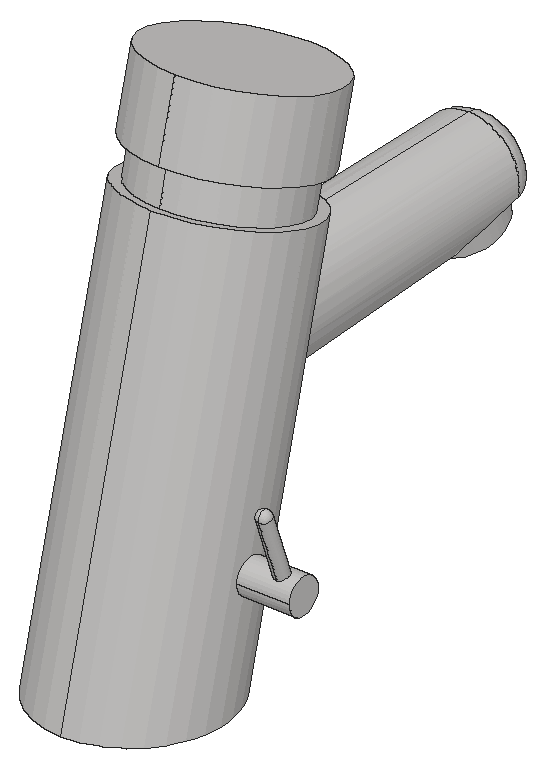
Revit family "CW2010001", category Aparatos sanitarios, Revit 2016
Family settings
  Tipo de pieza = Normal
  Cota de conector redondo = Diámetro de uso
  Número OmniClass = 23.45.00.00
  Título OmniClass = Sanitary, Laundry, and Cleaning Equipment
  Se basa en plano de trabajo = No
  Siempre vertical = Sí
  Corte con vacíos al cargar = No
  Compartido = No
  Punto de cálculo de habitación = No
Parameters (values of type "135 x 119")
  Conexión de residuos = no
  Conexión de ventilación = no
  URL = "www.grupochc.cl"
  Imagen de tipo = CW8002001.jpg
  Modelo = "CW8002001"
  Material = Stainless Steel, Polished
  Fabricante = "CHC"
  Height = 800 mm
  Conexión AC = no
  Descripción = "Grifo temporizado inclinado para lavabo 1/2\""
  Conexión AF = yes
  Código de montaje = "D2010"
Reference planes
  plane 1 "Center (Front/Back)": y = 0
  plane 2: z = 0
  plane 3 "Center (Left/Right)": x = 0
  plane 4: z = 800
  plane 5: through (4267.2, 103.333, 869.612) normal (0, -0.342, 0.9397)
  plane 6: x = 35
Forms (mm)
  Sweep 1, solid, material "Stainless Steel, Polished" <- "Material"
    path origin (0, 0, 20) x (0, 1, 0) y (0, 0, 1)
      loop
        line (-7.352, 772.561) -> (25, 893.302)
    profile origin (0, 8.824, 852.931) x (0, -0.965926, 0.258819) y (1, 0, 0)
      loop
        circle (0, 0) r 25
  Revolve 2, solid, material "Stainless Steel, Polished" <- "Material"
    sketch origin (0, 0, 10) x (0, 1, 0) y (0, 0, 1)
      loop
        spline (123.175, 871) -> (123.094, 872.853) -> (122.854, 874.675) -> (122.459, 876.434) -> (121.914, 878.1) -> (121.23, 879.644) -> (120.419, 881.041) -> (119.493, 882.266) -> (118.47, 883.298) -> (117.366, 884.119) -> (116.2, 884.716) -> (114.993, 885.079) -> (113.765, 885.2)
        line (113.765, 885.2) -> (113.765, 871) -> (123.175, 871)
      axis (113.765, 871) -> (123.175, 871)
    angle from 0 to 360
  Sweep 3, solid, material "Stainless Steel, Polished" <- "Material"
    path origin (0, 0, 20) x (0, 1, 0) y (0, 0, 1)
      loop
        line (25, 893.302) -> (27.692, 903.348)
    profile origin (0, 26.346, 918.325) x (0, -0.965926, 0.258819) y (1, 0, 0)
      loop
        circle (0, 0) r 22
  Sweep 4, solid, material "Stainless Steel, Polished" <- "Material"
    path origin (0, 0, 20) x (0, 1, 0) y (0, 0, 1)
      loop
        line (27.692, 903.348) -> (33.291, 924.244)
    profile origin (0, 30.492, 933.796) x (0, -0.965926, 0.258819) y (1, 0, 0)
      loop
        circle (0, 0) r 25
  Extrusion 5, void
    sketch origin (4267.2, 103.333, 869.612) x (0, 0.939693, 0.34202) y (1, 0, 0)
      loop
        circle (6.729, -4267.2) r 16.866
    from -5 to 20
  Extrusion 6, solid, material "Stainless Steel, Polished" <- "Material"
    sketch origin (4267.2, 101.623, 874.31) x (0, 0.939693, 0.34202) y (1, 0, 0)
      loop
        circle (6.271, -4267.2) r 12
    from 0 to 7.325
  Extrusion 7, void
    sketch origin (4267.2, -591.972, 800) x (1, 0, 0) y (0, -1, 0)
      loop
        circle (-4267.2, -591.972) r 50
    from 0 to 250
  Extrusion 8, void
    sketch origin (4267.2, -591.972, 800) x (1, 0, 0) y (0, -1, 0)
      loop
        circle (-4267.2, -591.972) r 11.85
    from 0 to -10
  Extrusion 9, solid, material "Stainless Steel, Polished" <- "Material"
    sketch origin (0, 0, 3.64) x (0, 1, 0) y (0, 0, 1)
      loop
        circle (5, 830.182) r 5
    from 0 to 40
  Revolve 10, solid, material "Stainless Steel, Polished" <- "Material"
    sketch origin (35, -27.238, 4000) x (0, -1, 0) y (0, 0, 1)
      loop
        line (-32.337, -3166.142) -> (-23.786, -3142.65)
        arc (-23.786, -3142.65) -> (-25.316, -3142.717) -> (-26.35, -3143.845) r 2
        line (-26.35, -3143.845) -> (-34.216, -3165.458) -> (-32.337, -3166.142)
      axis (-32.337, -3166.142) -> (-23.786, -3142.65)
    angle from 0 to 360
  Blend 11, solid, material "Stainless Steel, Polished" <- "Material"
    base sketch origin (0, 0, 0) x (1, 0, 0) y (0, 0, 1)
      loop
        spline (0, 861.849) -> (3.663, 862.417) -> (7.077, 864.083) -> (10.008, 866.733) -> (12.258, 870.186) -> (13.672, 874.208) -> (14.154, 878.524) -> (13.672, 882.84) -> (12.258, 886.862) -> (10.008, 890.316) -> (7.077, 892.966) -> (3.663, 894.632) -> (0, 895.2)
        spline (0, 895.2) -> (-3.663, 894.632) -> (-7.077, 892.966) -> (-10.008, 890.316) -> (-12.258, 886.862) -> (-13.672, 882.84) -> (-14.154, 878.524) -> (-13.672, 874.208) -> (-12.258, 870.186) -> (-10.008, 866.733) -> (-7.077, 864.083) -> (-3.663, 862.417) -> (0, 861.849)
    top sketch origin (0, 0, 0) x (1, 0, 0) y (0, 0, 1)
      loop
        circle (0, 881) r 14.2
    from -35 to -113.765
Cuts and joins
  Extrusion 5, Extrusion 7, Extrusion 8 cuts Sweep 1
  Extrusion 5, Extrusion 7, Extrusion 8 cuts Revolve 2
  Extrusion 5, Extrusion 7, Extrusion 8 cuts Sweep 3
  Extrusion 5, Extrusion 7, Extrusion 8 cuts Sweep 4
  Extrusion 7, Extrusion 8 cuts Extrusion 6
  Extrusion 5 cuts Blend 11
  joined: Sweep 1, Revolve 2, Sweep 3, Sweep 4, Extrusion 6, Extrusion 9, Revolve 10, Blend 11
Dimensions and locks
  "Height": plane 4 to plane 2
  aligned and locked: level to plane 2
Automatic sketch dimensions
  Sweep 1 sketch curve to plane 3 "Center (Left/Right)" = 0 mm
  Sweep 1 sketch curve to profile plane = 0 mm
  Revolve 2 sketch curve to plane 1 "Center (Front/Back)" = 113.765 mm
  plane 4 to Revolve 2 sketch curve = 95.2 mm
  Revolve 2 sketch curve to Revolve 2 sketch curve = 0 mm  (x2)
  Revolve 2 sketch curve to Revolve 2 sketch curve = 9.41 mm
  Revolve 2 sketch curve to Revolve 2 sketch curve = 10.59 mm
  Revolve 2 sketch curve to Revolve 2 sketch curve = 14.2 mm
  Sweep 3 sketch curve to plane 1 "Center (Front/Back)" = 25 mm
  plane 4 to Sweep 3 sketch curve = 113.302 mm
  Sweep 3 sketch curve to Sweep 3 sketch curve = 2.692 mm
  Sweep 3 sketch curve to Sweep 3 sketch curve = 10.047 mm
  Sweep 3 sketch curve to plane 3 "Center (Left/Right)" = 0 mm
  Sweep 3 sketch curve to profile plane = 0 mm
  Sweep 4 sketch curve to plane 3 "Center (Left/Right)" = 0 mm
  Sweep 4 sketch curve to profile plane = 0 mm
  Sweep 4 sketch curve to Sweep 4 sketch curve = 5.599 mm
  Sweep 4 sketch curve to Sweep 4 sketch curve = 20.896 mm
  Sweep 4 sketch curve to plane 1 "Center (Front/Back)" = 27.692 mm
  plane 4 to Sweep 4 sketch curve = 123.348 mm
  plane 1 "Center (Front/Back)" to Extrusion 7 sketch curve = 0 mm
  Extrusion 7 sketch curve to plane 3 "Center (Left/Right)" = 0 mm
  plane 1 "Center (Front/Back)" to Extrusion 8 sketch curve = 0 mm
  Extrusion 8 sketch curve to plane 3 "Center (Left/Right)" = 0 mm
  Extrusion 5 sketch curve to plane 3 "Center (Left/Right)" = 0 mm
  Extrusion 9 sketch curve to plane 1 "Center (Front/Back)" = 5 mm
  plane 5 to Extrusion 9 sketch curve = 0 mm
  Revolve 10 sketch curve to plane 5 = 0 mm  (x3)
  Revolve 10 sketch curve to plane 1 "Center (Front/Back)" = 6.978 mm
  Revolve 10 sketch curve to Revolve 10 sketch curve = 1.879 mm
  plane 1 "Center (Front/Back)" to Revolve 10 sketch curve = 2.767 mm
  Revolve 10 sketch curve to Revolve 10 sketch curve = 0 mm
  plane 1 "Center (Front/Back)" to Revolve 10 sketch curve = 0.888 mm
  Revolve 10 sketch curve to Revolve 10 sketch curve = 0.684 mm
  plane 1 "Center (Front/Back)" to Revolve 10 sketch curve = 7.918 mm
  Revolve 10 sketch curve to Revolve 10 sketch curve = 12.272 mm
  plane 1 "Center (Front/Back)" to Sweep 1 sketch curve = 7.352 mm
  Sweep 1 sketch curve to plane 4 = 7.439 mm
  Sweep 1 sketch curve to plane 1 "Center (Front/Back)" = 25 mm
  plane 4 to Sweep 1 sketch curve = 113.302 mm
  Blend 11 sketch curve to plane 3 "Center (Left/Right)" = 0 mm  (x2)
  plane 4 to Blend 11 sketch curve = 61.849 mm
  Blend 11 sketch curve to Blend 11 sketch curve = 16.676 mm
  Blend 11 sketch curve to Blend 11 sketch curve = 0 mm  (x2)
  plane 4 to Blend 11 sketch curve = 81 mm
  Blend 11 sketch curve to Blend 11 sketch curve = 14.2 mm
  radius of Sweep 1 sketch curve = 25 mm
  radius of Sweep 3 sketch curve = 22 mm
  radius of Sweep 4 sketch curve = 25 mm
  radius of Extrusion 6 sketch curve = 12 mm
  radius of Extrusion 7 sketch curve = 50 mm
  radius of Extrusion 8 sketch curve = 11.85 mm
  radius of Extrusion 5 sketch curve = 16.866 mm
  radius of Extrusion 9 sketch curve = 5 mm
